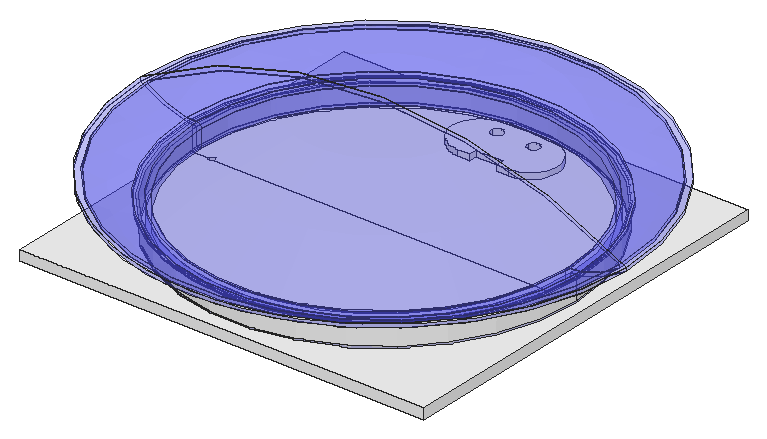
Revit family "BE_51239_de_DE", category Leuchten, Revit 2020
Family settings
  Basisbauteil = Fläche
  Bemaßung runder Anschluss = Durchmesser verwenden
  Teiletyp = Normal
  Beim Laden mit Abzugskörper schneiden = Ja
  Lichtquelle = Ja
  Gemeinsam genutzt = Nein
  Raumberechnungspunkt = Ja
Parameters (values of type "BEGA_51239_K27")
  built-in parameter 1150104 = 14.02 (stored number, unit not read)
  Wattage = 27.6 W
  Default Elevation = 0 mm
  built-in parameter 1150113 = 1 (stored number, unit not read)
  built-in parameter 1114218 = 1 (stored number, unit not read)
  Umgebungstemperatur = "25 °C"
  URL = "https://www.bega.com/de/produkt/51239"
  Typenkommentare = "© 2023 BEGA. Wir behalten uns das Recht vor, technische Änderungen ohne vorherige Ankündigung vorzunehmen."  # constant formula
  built-in parameter 1150134 = (empty or 0)
  built-in parameter 1150109 = 1 (stored number, unit not read)
  Strom = ""
  built-in parameter 1150110 = 1 (stored number, unit not read)
  Spannung = 230 V
  Sonderanfertigung = no
  Seriennummer [instance] = "Hier können Sie die eindeutige Seriennummer für das Facility Management eintragen."
  Schutzklasse = "I"
  Schutzart = "IP 20"
  Scheinlast = 0 VA
  Produktdatenblatt = "https://cdn.bega.com/bega/products/51239K27/current/documents/data-sheets/de"
  Oberflächentemperatur = ""
  Neigungswinkel = 0.00°
  Modell = "51239K27"
  Material_34 = BEGA_Oberfläche_Samtweiss_matt
  Material_11 = BEGA_Glas_opal
  M_W = no
  M_G = no
  M_A = no
  Logo = 0
  built-in parameter 1114217 = 1 (stored number, unit not read)
  built-in parameter 1150139 = (empty or 0)
  built-in parameter 1150105 = 331.45 (stored number, unit not read)
  built-in parameter 1150114 = 1 (stored number, unit not read)
  Lumens = 4165.12 lm
  built-in parameter 1150115 = 1 (stored number, unit not read)
  Leuchtenlichtstrom = "2987 lm"
  Leuchtenanzahl = ""
  Lebensdauerkriterien = "L70B50 @ 25 °C = 200000 h"
  Lastklassifizierung = Beleuchtung
  built-in parameter 1150112 = 1 (stored number, unit not read)
  Lampenlichtstrom = "4165 lm"
  Lampe = "LED 27.6 W"
  LED_Modulbezeichnung = "LED-0630/927"
  Hersteller = "BEGA"  # constant formula
  Halbstreuwinkel = ""
  Gewicht = "4.8 kg"
  Gebrauchslageneinschränkung [instance] = ""
  Frequenz = "50 Hz"
  Farbwiedergabeindex = "CRI > 90"
  Farbtemperaturverschiebung bei Dämpfen der Lampe = <Keine Auswahl>
  Farbtemperatur = "2700 K"
  Color Filter = 16777215
  built-in parameter 1150133 = 10 (stored number, unit not read)
  Energieeffizienzklasse = "LED A++ - A"
  built-in parameter 1150137 = (empty or 0)
  built-in parameter 1150132 = (empty or 0)
  ENEC = ""
  Dimmbar [instance] = ""
  Datei für fotometrisches Netz = "BE_51239K27.IES"
  CE_Konformität = "ja"
  Bestellnummer = "51239K27"
  Beschreibung_Sonderanfertigung = "Hier können Sie Informationen zur Sonderanfertigung eintragen."
  Beschreibung = "Decken- und Wandleuchte"
  built-in parameter 1150106 = 3.3145 (stored number, unit not read)
  Befestigungsbohrung = "Ø 6 mm"
  Befestigungsabstand = "340 mm"
  Ballwurfsicher = ""
  BEGA_Intern_aus = yes
  BEGA_Intern_an = yes
  BEGA_Intern_Konstruktion = yes
  BEGA_Intern = yes
  BEGA_IES = yes
  BEGA_Dummy = no
  Anschlussleitung = ""
  Anschlussleistung [instance] = "33 W"
  Anschlusskasten = ""
  built-in parameter 1150107 = 2700 (stored number, unit not read)
  built-in parameter 1150102 = (empty or 0)
  built-in parameter 1150138 = (empty or 0)
  Aktualisierung = "2023-01-24T04:00:04"
  Abstand_zur_angestrahlten_Fläche [instance] = ""
  AC/DC = "AC"
Types (2, lengths in mm): name | built-in parameter 1150104 | Modell | built-in parameter 1150105 | Lumens | Leuchtenlichtstrom | Lampenlichtstrom | LED_Modulbezeichnung | Farbtemperatur | Datei für fotometrisches Netz | Bestellnummer | built-in parameter 1150106 | built-in parameter 1150107
  BEGA_51239_K27 | 14.02 (stored number, unit not read) | "51239K27" | 331.45 (stored number, unit not read) | 4165.12 lm | "2987 lm" | "4165 lm" | "LED-0630/927" | "2700 K" | "BE_51239K27.IES" | "51239K27" | 3.3145 (stored number, unit not read) | 2700 (stored number, unit not read)
  BEGA_51239_K3 | 14.491 (stored number, unit not read) | "51239K3" | 4305 (stored number, unit not read) | 4305.05 lm | "3088 lm" | "4305 lm" | "LED-0630/930" | "3000 K" | "BE_51239K3.IES" | "51239K3" | 43.05 (stored number, unit not read) | 3000 (stored number, unit not read)
Reference planes
  plane 1 "Mitte (Vorne/Hinten)": y = 0
  plane 2: z = 0
  plane 3 "Mitte (Links/Rechts)": x = 0
  plane 4 "Links": x = -240
  plane 5 "Rechts": x = 240
  plane 6 "Unten": y = -240
  plane 7 "Oben": y = 240
  plane 8 "Vorne": z = 116.8
  plane 9 "Hinten": z = 0
Forms (mm)
  Extrusion 1, solid, material "BEGA_Platte_Weiss"
    sketch origin (0, -1119.2, 0) x (1, 0, 0) y (0, 1, 0)
      loop
        line (-200, 1319.2) -> (-200, 919.2) -> (200, 919.2) -> (200, 1319.2) -> (-200, 1319.2)
    from 0 to -10
  Extrusion 2, solid, material "BEGA_Dummy_matt", visible <- "BEGA_Dummy"
    sketch origin (77.149, -76.023, 0) x (1, 0, 0) y (0, 1, 0)
      loop
        circle (-77.149, 76.023) r 240
    from 0 to 116.8
Dimensions and locks
  plane 1 "Mitte (Vorne/Hinten)" to Extrusion 1 = 200 mm
  aligned and locked: plane 2 to Extrusion 1
  aligned and locked: level to Extrusion 1
  aligned and locked: plane 8 "Vorne" to Extrusion 2
Nested families
  nested 1: "BE_51239_Leuchte" at (0, 0, 0), type "BE_51239_Leuchte"
Connectors
  electrical at (0, 0, 0), driven by "Lastklassifizierung", driven by "Spannung", driven by "Scheinlast"
    settings: index 1, voltage 230 V, apparent load 0 VA, apparent load phase1 0 VA, apparent load phase2 0 VA, apparent load phase3 0 VA, power factor 1, load classification "Beleuchtung", number of poles 1, system type 31, power factor state 1, is connector primary yes, connector utility no, sub classification motor no, connector description ""
Definition of nested family "BE_51239_Leuchte"
  Parameters (values of type "BE_51234_Leuchte")
    Default Elevation = 1 mm
    URL = "http://www.bega.de/de/produkt"
    Type Comments = "© 2015 BEGA. Wir behalten uns das Recht vor, technische Änderungen ohne vorherige Ankündigung vorzunehmen. "  # constant formula
    Type Image = (empty or 0)
    Material_34 = none
    Material_11 = none
    Länge_Platte = 200 mm  # constant formula
    Höhe_Platte = -10 mm  # constant formula
    Manufacturer = "BEGA"  # constant formula
    Breite_Platte = 200 mm  # constant formula
  Reference planes
    plane 1 "Mitte (Oben/Unten)": y = 0
    plane 2: z = 0
    plane 3 "Mitte (Links/Rechts)": x = 0
    plane 4: z = 0
    plane 5: z = 116.8
    plane 6: x = -240
    plane 7: x = 240
    plane 8: y = 240
    plane 9: y = -240
  Forms (mm)
    Extrusion 1, solid, detail levels medium
      sketch origin (0, 0, 0) x (1, 0, 0) y (0, 1, 0)
        loop
          line (-100, 100) -> (-100, -100) -> (100, -100) -> (100, 100) -> (-100, 100)
      from 0 to -10 <- "Höhe_Platte"
    Revolve 2, solid, material <- "Material_34"
      sketch origin (0, 0, 0) x (1, 0, 0) y (0, 0, 1)
        loop
          line (194, 26.8) -> (191.844, 26.8)
          arc (191.844, 26.8) -> (190.576, 26.284) -> (190.038, 25.025) r 1.8
          line (190.038, 25.025) -> (189.667, 3.783)
          arc (189.667, 3.783) -> (189.368, 3.087) -> (188.667, 2.8) r 1
          line (188.667, 2.8) -> (0, 2.8) -> (0, 1.8) -> (188.667, 1.8)
          arc (188.667, 1.8) -> (190.069, 2.373) -> (190.667, 3.765) r 2
          line (190.667, 3.765) -> (191.038, 25.009)
          arc (191.038, 25.009) -> (191.277, 25.571) -> (191.842, 25.8) r 0.8
          line (191.842, 25.8) -> (194, 25.8) -> (194, 26.8)
        axis (0, 1.8) -> (0, 26.8)
      angle from 0 to 360
    Extrusion 3, solid, material <- "Material_34"
      sketch origin (0, 0, 0) x (1, 0, 0) y (0, 1, 0)
        loop
          circle (-170, 0) r 7.599
        loop
          circle (170, 0) r 7.599
      from 0 to 1.809
    Extrusion 4, void
      sketch origin (0, 0, 0) x (1, 0, 0) y (0, 1, 0)
        loop
          circle (-170, 0) r 3
        loop
          circle (170, 0) r 3
      from 0 to 2.8
    Extrusion 5, solid, material <- "Material_34"
      sketch origin (0, 0, 0) x (1, 0, 0) y (0, 1, 0)
        loop
          arc (29.435, 176.61) -> (0, 179.046) -> (-29.435, 176.61) r 179.046
          arc (-29.435, 176.61) -> (-51.885, 147.775) -> (-25, 123.023) r 26.977
          line (-25, 123.023) -> (-13.155, 123.023) -> (-13.155, 130.551) -> (13.155, 130.551) -> (13.155, 123.023) -> (25, 123.023)
          arc (25, 123.023) -> (51.885, 147.775) -> (29.435, 176.61) r 26.977
      from 2.8 to 8.3
    Extrusion 6, void
      sketch origin (0, 0, 0) x (1, 0, 0) y (0, 1, 0)
        loop
          circle (-18, 163) r 6
        loop
          circle (18, 163) r 6
      from 0 to 8.3
    Revolve 7, solid, material <- "Material_11"
      sketch origin (0, 0, 0) x (1, 0, 0) y (0, 0, 1)
        loop
          line (0, 116.9) -> (0, 112.9)
          arc (0, 112.9) -> (120.58, 97.029) -> (232.947, 50.498) r 465.999
          arc (232.947, 50.498) -> (233.915, 48.813) -> (232.995, 47.101) r 2
          arc (232.995, 47.101) -> (214.426, 37.351) -> (194.452, 30.953) r 121.001
          line (194.452, 30.953) -> (184.49, 30.431)
          arc (184.49, 30.431) -> (181.368, 29.57) -> (180.007, 26.631) r 3.853
          line (180.007, 26.631) -> (180.007, 8.9) -> (184.7, 8.9) -> (184.7, 26.437) -> (195, 26.977)
          arc (195, 26.977) -> (218.496, 34.752) -> (240, 47.004) r 125.001
          line (240, 47.004) -> (240, 51.004)
          arc (240, 51.004) -> (124.441, 100.127) -> (0, 116.9) r 469.999
        axis (0, 8.9) -> (0, 116.9)
      angle from 0 to 360
  Cuts and joins
    Extrusion 4, Extrusion 6 cuts Revolve 2
    Extrusion 4, Extrusion 6 cuts Extrusion 3
    Extrusion 6 cuts Extrusion 5
    joined: Revolve 2, Extrusion 3, Extrusion 5
  Dimensions and locks
    equal spacing: Extrusion 1 sketch curve, plane 3 "Mitte (Links/Rechts)", Extrusion 1 sketch curve
    equal spacing: Extrusion 1 sketch curve, plane 1 "Mitte (Oben/Unten)", Extrusion 1 sketch curve
    "Länge_Platte": Extrusion 1 sketch curve to Extrusion 1 sketch curve
    "Breite_Platte": Extrusion 1 sketch curve to Extrusion 1 sketch curve
    plane 1 "Mitte (Oben/Unten)" to Extrusion 1 = 100 mm  (x3)
    aligned and locked: plane 2 to Extrusion 1
    aligned and locked: level to Extrusion 1
  Automatic sketch dimensions
    level to Revolve 2 sketch curve = 26.8 mm
    Revolve 2 sketch curve to Revolve 2 sketch curve = 2.156 mm
    Revolve 2 sketch curve to Revolve 2 sketch curve = 1 mm  (x5)
    Revolve 2 sketch curve to Revolve 2 sketch curve = 0.002 mm
    Revolve 2 sketch curve to Revolve 2 sketch curve = 0.004 mm
    Revolve 2 sketch curve to Revolve 2 sketch curve = 0.8 mm  (x2)
    Revolve 2 sketch curve to Revolve 2 sketch curve = 0 mm  (x10)
    level to Revolve 2 sketch curve = 3.783 mm
    Revolve 2 sketch curve to Revolve 2 sketch curve = 0.371 mm
    level to Revolve 2 sketch curve = 3.765 mm
    Revolve 2 sketch curve to Revolve 2 sketch curve = 0.017 mm
    Revolve 2 sketch curve to plane 3 "Mitte (Links/Rechts)" = 0 mm
    level to Revolve 2 sketch curve = 1.8 mm
    Revolve 2 sketch curve to Revolve 2 sketch curve = 188.667 mm
    plane 1 "Mitte (Oben/Unten)" to Extrusion 5 sketch curve = 0 mm
    Extrusion 5 sketch curve to plane 3 "Mitte (Links/Rechts)" = 0 mm
    Extrusion 5 sketch curve to plane 3 "Mitte (Links/Rechts)" = 25 mm  (x2)
    Extrusion 5 sketch curve to plane 1 "Mitte (Oben/Unten)" = 150 mm
    Extrusion 5 sketch curve to Extrusion 5 sketch curve = 4.435 mm
    Extrusion 5 sketch curve to Extrusion 5 sketch curve = 0 mm  (x6)
    plane 3 "Mitte (Links/Rechts)" to Extrusion 5 sketch curve = 25 mm
    Extrusion 5 sketch curve to Extrusion 5 sketch curve = 11.845 mm  (x2)
    plane 3 "Mitte (Links/Rechts)" to Extrusion 5 sketch curve = 13.155 mm
    Extrusion 5 sketch curve to Extrusion 5 sketch curve = 7.528 mm  (x2)
    Revolve 7 sketch curve to plane 3 "Mitte (Links/Rechts)" = 0 mm  (x2)
    plane 3 "Mitte (Links/Rechts)" to Revolve 7 sketch curve = 0 mm
    plane 3 "Mitte (Links/Rechts)" to Revolve 7 sketch curve = 167.671 mm
    Revolve 7 sketch curve to Revolve 7 sketch curve = 0 mm  (x4)
    level to Revolve 7 sketch curve = 8.9 mm
    Revolve 7 sketch curve to Revolve 7 sketch curve = 12.336 mm
    Revolve 7 sketch curve to Revolve 7 sketch curve = 3.853 mm
    Revolve 7 sketch curve to Revolve 7 sketch curve = 4.693 mm
    level to Revolve 7 sketch curve = 30.953 mm
    Revolve 7 sketch curve to Revolve 7 sketch curve = 9.752 mm
    level to Revolve 7 sketch curve = 26.977 mm
    Revolve 7 sketch curve to Revolve 7 sketch curve = 0.549 mm
    Revolve 7 sketch curve to Revolve 7 sketch curve = 37.464 mm
    Revolve 7 sketch curve to Revolve 7 sketch curve = 8.084 mm
    Revolve 7 sketch curve to level = 353.099 mm
    Revolve 7 sketch curve to Revolve 7 sketch curve = 0.54 mm
    Revolve 7 sketch curve to Revolve 7 sketch curve = 0.194 mm
    level to Revolve 7 sketch curve = 47.004 mm
    Revolve 7 sketch curve to Revolve 7 sketch curve = 1.781 mm
    Revolve 7 sketch curve to Revolve 7 sketch curve = 4 mm
    level to Revolve 7 sketch curve = 112.9 mm
    Revolve 7 sketch curve to Revolve 7 sketch curve = 0.631 mm
    Revolve 7 sketch curve to Revolve 7 sketch curve = 1.032 mm
    Revolve 7 sketch curve to Revolve 7 sketch curve = 1.08 mm
